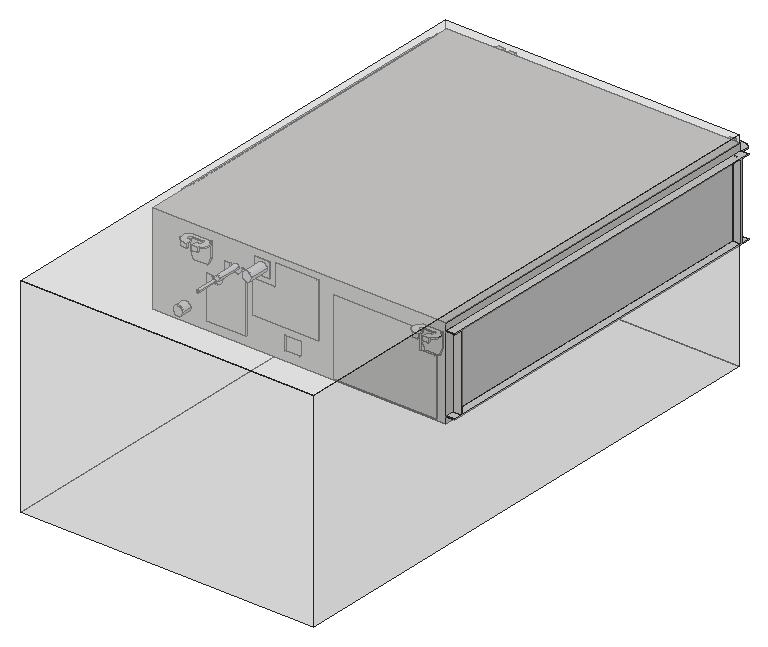
Revit family "outputfile", category 機械設備, Revit 2024
Family settings
  丸型コネクタ寸法 = 半径を使用
  パーツ タイプ = 標準
  OmniClass 番号 = 23.75.10.24.21.27.27
  OmniClass タイトル = Split System Air Conditioning Units
  作業面ベース = いいえ
  常に垂直 = はい
  ロード時にボイドで切り取り = いいえ
  注釈の向きを維持 = いいえ
  共有 = いいえ
  部屋計算ポイント = はい
Parameters (values of type "FXSQ50PAVE")
  Description = ""
  製造元 = "Daikin"
  書き出し IFC クラス(タイプ) = "IfcUnitaryEquipmentType"
  定義済み IFC タイプ(タイプ) = "AIRCONDITIONINGUNIT"
  Cost = 0
  モデル = "FXSQ50PAVE"
  Type Comments = ""
  Keynote = ""
  Type Image = (empty or 0)
  Assembly Code = ""
  r_Liquid Pipe Size = Liquid Pipe Size / 2  # 3.2 mm
  r_Gas Pipe Size = Gas Pipe Size / 2  # 6.35 mm
  r_Drain Pipe Size = Drain Pipe Size / 2  # 12.5 mm
  lw_power = 770.0 mm  # constant formula
  lh_SA = 138.0 mm  # constant formula
  lw_SA = if(Depth = 550.0 mm, 225.0 mm, if(Depth = 700.0 mm, 300.0 mm, if(Depth = 1000.0 mm, 450.0 mm, if(Depth = 1400.0 mm, 650.0 mm, 725.0 mm))))  # 450.0 mm
  lw_RA = if(Depth = 550.0 mm, 275.0 mm, if(Depth = 700.0 mm, 349.0 mm, if(Depth = 1000.0 mm, 499.0 mm, if(Depth = 1400.0 mm, 699.0 mm, 775.0 mm))))  # 499.0 mm
  lh_power = 60.0 mm + [h***]  # 60.0 mm
  lh_mountinghole1 = lh_mountinghole + [h***]  # 222.0 mm
  lh_RA = 123.0 mm  # constant formula
  ld_power = Depth / 2  # 500.0 mm
  Voltage_comment_60Hz = "220"
  Voltage_comment_50Hz = "220-240"
  Voltage_60Hz = 220 V
  Voltage_50Hz = 220 V
  URL = ""
  Supply Air Direction [instance] = yes
  Sound Power Level_H speed (dB) = 62
  Phase_60Hz = 1
  Phase_50Hz = 1
  Minimum External Static Pressure = 50.00 Pa
  Minimum Circuit Amps_60Hz = 1.3 A
  Minimum Circuit Amps_50Hz = 1.3 A
  Maximum Fuse Amps_60Hz = 16.0 A
  Maximum Fuse Amps_50Hz = 16.0 A
  Maximum External Static Pressure = 150.00 Pa
  Material_Casing = DAIKIN_GalvanizedSteel_Casing_indoorunit
  lw_mountinghole = 630.0 mm  # constant formula
  lh_gaspipe = 183.0 mm + [h***]  # 183.0 mm
  lh_mountinghole = 222.0 mm  # constant formula
  lh_liquidpipe = 136.0 mm + [h***]  # 136.0 mm
  lh_drainpipe = 207.0 mm + [h***]  # 207.0 mm
  lh_antena = Height - lh_mountinghole + 1.0 mm  # 24.0 mm
  ld_drainpipe = Depth / 2 + 53.0 mm  # 553.0 mm
  ld_liquidpipe = Depth / 2 + 69.0 mm  # 569.0 mm
  ld_gaspipe = Depth / 2 + 65.0 mm  # 565.0 mm
  ld_mountinghole = Depth + 38.0 mm  # 1038.0 mm
  h*** = 0.0 mm  # constant formula
  lw_liquidpipe = 179.0 mm  # constant formula
  lw_gaspipe = 229.0 mm  # constant formula
  lw_drainpipe = 300.0 mm  # constant formula
  Width = 800.0 mm
  Version = "ver.1.0"
  Unit Type = "Middle Static Pressure Duct Type"
  Unit Mass Weight = 35.00 kg
  Unit Designation [instance] = ""
  Uniclass2015Version = "Products v1.30"
  Uniclass2015Title = "Variable refrigerant flow units"
  Uniclass2015Code = "Pr_70_65_03_94"
  Total Heating Capacity [instance] = 0.000 kW
  Total Cooling Capacity [instance] = 0.000 kW
  Sound Pressure Level_M speed (dBA) = 0
  Sound Pressure Level_L speed (dBA) = 29
  Sound Pressure Level_H speed (dBA) = 34
  Series = "VRV Fan Coil Unit"
  Sensible Cooling Capacity [instance] = 0.000 kW
  SA Duct Size Width = if(Depth = 550.0 mm, 337.0 mm, if(Depth = 700.0 mm, 492.0 mm, if(Depth = 1000.0 mm, 792.0 mm, if(Depth = 1400.0 mm, 1192.0 mm, 1337.0 mm))))  # 792.0 mm
  SA Duct Size Height = 176.0 mm
  Refrigerant Type = "R410A"
  RA Duct Size Width = if(Depth = 550.0 mm, 502.0 mm, if(Depth = 700.0 mm, 654.0 mm, if(Depth = 1000.0 mm, 952.0 mm, if(Depth = 1400.0 mm, 1352.0 mm, 1502.0 mm))))  # 952.0 mm
  RA Duct Size Height = 208.0 mm
  Power Input (Heating) = 0.159 kW
  Power Input (Cooling) = 0.164 kW
  Option Accessory 3 [instance] = ""
  Option Accessory 2 [instance] = ""
  Option Accessory 1 [instance] = ""
  Nominal Heating Capacity = 6.300 kW
  Nominal Cooling Capacity = 5.600 kW
  Minimum Airflow = 690.00 m³/h
  Median Airflow = 870.00 m³/h
  Maximum Airflow = 1020.00 m³/h
  Load Classification = HVAC
  Liquid Pipe Size = 6.4 mm
  Link_Nested Family [instance] = ""
  IfcVersion = "0"
  IfcExportType = "AIRCONDITIONINGUNIT"
  IfcExportAs = "IfcUnitaryEquipmentType"
  Height = 245.0 mm
  Heating Entering Wet Bulb Temperature [instance] = 0.00 °C
  Heating Entering Dry Bulb Temperature [instance] = 0.00 °C
  Heating Ambient Wet Bulb Temperature [instance] = 0.00 °C
  Heating Ambient Dry Bulb Temperature [instance] = 0.00 °C
  Heat Exchanger Type = "Cross Fin Coil"
  Gas Pipe Size = 12.7 mm
  Frequency_60Hz = 60 Hz
  Frequency_50Hz = 50 Hz
  Fan Type = "Sirocco Fan"
  Fan Drive = "Direct Drive"
  FCU Tag No. [instance] = ""
  Drain Pipe Size = 25.0 mm
  Design Supply Airflow [instance] = 0.00 m³/h
  Design Return Airflow [instance] = 0.00 m³/h
  Design External Static Pressure [instance] = 0.00 Pa
  Depth = 1000.0 mm
  既定の高さ = 0.0 mm
  Cooling Entering Wet Bulb Temperature [instance] = 0.00 °C
  Cooling Entering Dry Bulb Temperature [instance] = 0.00 °C
  Cooling Ambient Wet Bulb Temperature [instance] = 0.00 °C
  Cooling Ambient Dry Bulb Temperature [instance] = 0.00 °C
  Clearance visibility [instance] = yes
  Clearance Top = 20.0 mm
  Clearance Right = 0.0 mm
  Clearance Rear = 0.0 mm
  Clearance Left = 0.0 mm
  Clearance Front = 450.0 mm
  Clearance Bottom = 300.0 mm
Reference planes
  plane 1 "Center (Front/Back)": y = 0
  plane 2 "h": z = 0
  plane 3 "Center (Left/Right)": x = 0
  plane 4 "Back": y = 500
  plane 5 "Front": y = -500
  plane 6 "Left": x = -400
  plane 7 "Reight": x = 400
  plane 8 "Top": z = 0
  plane 9 "Bottom": z = -245
  plane 10: y = -215
  plane 11: y = 500
  plane 12: y = -950
  plane 13: x = -400
  plane 14: x = 400
  plane 15: z = 20
  plane 16: z = -545
  plane 17: x = -400
  plane 18: x = -399
  plane 19: x = 399
  plane 20: y = 50
  plane 21: y = -1
  plane 22: z = -122
  plane 23: y = -501
  plane 24: z = -109
  plane 25: x = -221
  plane 26: y = -565
  plane 27: z = -62
  plane 28: x = -171
  plane 29: y = -553
  plane 30: z = -38
  plane 31: x = -100
  plane 32: x = -100
  plane 33: x = -221
  plane 34: x = -171
  plane 35: x = 370
  plane 36: x = -266
  plane 37: x = 364
  plane 38: y = -519
  plane 39: y = 519
  plane 40: z = -23
  plane 41: z = -107
  plane 42: y = -570
  plane 43: z = -207
  plane 44: x = -309
  plane 45: y = -526
  plane 46: x = -251
  plane 47: x = -203
  plane 48: x = -144
  plane 49: z = -59
  plane 50: z = -106
  plane 51: z = -221
  plane 52: z = -109
  plane 53: x = -221
  plane 54: z = -62
  plane 55: x = -171
  plane 56: z = -17
  plane 57: z = -59
  plane 58: x = -121
  plane 59: x = -79
  plane 60: x = -125
  plane 61: x = -64
  plane 62: x = 53
  plane 63: z = -164
  plane 64: z = -73
  plane 65: z = -16
  plane 66: x = 93.5
  plane 67: x = 374.5
  plane 68: x = 330
  plane 69: z = -88.5
  plane 70: z = -38
  plane 71: z = -242.5
  plane 72: x = -38.5
  plane 73: x = 6.5
  plane 74: z = -181
  plane 75: z = -221
  plane 76: y = -499
  plane 77: x = -424
  plane 78: x = 424
Forms (mm)
  Extrusion 1, solid, material "DAIKIN_GalvanizedSteel_Casing_indoorunit" <- "Material_Casing"
    sketch origin (0, 0, 0) x (1, 0, 0) y (0, 1, 0)
      loop
        line (-399, 500) -> (-399, -500) -> (399, -500) -> (399, 500) -> (-399, 500)
    from -245 to 0
  Extrusion 2, solid, material "DAIKIN_GalvanizedSteel_Casing_indoorunit" <- "Material_Casing"
    sketch origin (0, 0, 0) x (1, 0, 0) y (0, 0, 1)
      loop
        line (-251, -221) -> (-144, -221) -> (-144, -59) -> (-154.47, -59)
        arc (-154.47, -59) -> (-171, -78.8) -> (-187.53, -59) r 16.8
        line (-187.53, -59) -> (-203, -59) -> (-203, -106) -> (-206.916, -106)
        arc (-206.916, -106) -> (-221, -123.4) -> (-235.084, -106) r 14.4
        line (-235.084, -106) -> (-251, -106) -> (-251, -221)
    from 500 to 501
  Extrusion 3, solid, material "DAIKIN_GalvanizedSteel_Casing_indoorunit" <- "Material_Casing"
    sketch origin (0, 0, 0) x (1, 0, 0) y (0, 0, 1)
      loop
        line (-121, -17) -> (-121, -59) -> (-79, -59) -> (-79, -17) -> (-121, -17)
      loop
        line (-125, -73) -> (-125, -164) -> (53, -164) -> (53, -16) -> (-64, -16) -> (-64, -73) -> (-125, -73)
    from 500 to 501
  Extrusion 4, solid, material "DAIKIN_GalvanizedSteel_Casing_indoorunit" <- "Material_Casing"
    sketch origin (0, 0, 0) x (1, 0, 0) y (0, 0, 1)
      loop
        line (93.5, -38) -> (93.5, -242.5) -> (374.5, -242.5) -> (374.5, -88.5) -> (330, -88.5) -> (330, -38) -> (93.5, -38)
    from 500 to 501
  Extrusion 5, solid
    sketch origin (0, 0, 0) x (1, 0, 0) y (0, 0, 1)
      loop
        circle (-221, -109) r 3.2
    from 500 to 570
  Extrusion 6, solid
    sketch origin (0, 0, 0) x (1, 0, 0) y (0, 0, 1)
      loop
        circle (-171, -62) r 6.35
    from 500 to 565
  Extrusion 7, solid
    sketch origin (0, 0, 0) x (1, 0, 0) y (0, 0, 1)
      loop
        circle (-100, -38) r 12.5
    from 501 to 553
  Extrusion 8, solid, material "DAIKIN_GalvanizedSteel_Casing_indoorunit" <- "Material_Casing"
    sketch origin (0, 0, 0) x (1, 0, 0) y (0, 0, 1)
      loop
        circle (-309, -207) r 13
    from 500 to 526
  Extrusion 9, void
    sketch origin (0, 0, 0) x (1, 0, 0) y (0, 0, 1)
      loop
        line (-38.5, -181) -> (-38.5, -221) -> (6.5, -221) -> (6.5, -181) -> (-38.5, -181)
    from 499 to 500
Cuts and joins
  Extrusion 9 cuts Extrusion 1
Dimensions and locks
  "Height": plane 8 "Top" to plane 9 "Bottom"
  equal spacing: plane 4 "Back", plane 1 "Center (Front/Back)", plane 5 "Front"
  "Depth": plane 4 "Back" to plane 5 "Front"
  equal spacing: plane 6 "Left", plane 3 "Center (Left/Right)", plane 7 "Reight"
  "Width": plane 6 "Left" to plane 7 "Reight"
  "Clearance Left": plane 13 to plane 6 "Left"
  "Clearance Right": plane 7 "Reight" to plane 14
  "Clearance Rear": plane 11 to plane 4 "Back"
  "Clearance Front": plane 5 "Front" to plane 12
  "Clearance Top": plane 15 to plane 8 "Top"
  "Clearance Bottom": plane 9 "Bottom" to plane 16
  locked: plane 17 to plane 18 at 1
  locked: plane 19 to plane 14 at 1
  "lw_SA": plane 11 to plane 20
  "lw_RA": plane 21 to plane 5 "Front"
  "lh_RA": plane 22 to plane 9 "Bottom"
  locked: plane 5 "Front" to plane 23 at 1
  "lw_liquidpipe": plane 25 to plane 6 "Left"
  "lh_liquidpipe": plane 24 to plane 9 "Bottom"
  "lh_gaspipe": plane 27 to plane 9 "Bottom"
  "lw_gaspipe": plane 28 to plane 6 "Left"
  "ld_gaspipe": plane 26 to plane 1 "Center (Front/Back)"
  "ld_drainpipe": plane 29 to plane 1 "Center (Front/Back)"
  "lh_drainpipe": plane 30 to plane 9 "Bottom"
  "lw_drainpipe": plane 31 to plane 6 "Left"
  "lw_drainpipe": plane 6 "Left" to plane 32
  "lw_liquidpipe": plane 6 "Left" to plane 33
  "lw_gaspipe": plane 6 "Left" to plane 34
  "lw_power": plane 6 "Left" to plane 35
  locked: plane 17 to plane 36 at 134
  "lw_mountinghole": plane 36 to plane 37
  equal spacing: plane 38, plane 1 "Center (Front/Back)", plane 39
  "ld_mountinghole": plane 39 to plane 38
  "lh_mountinghole": plane 40 to plane 9 "Bottom"
  "lh_SA": plane 41 to plane 9 "Bottom"
  "ld_liquidpipe": plane 21 to plane 42
  locked: plane 44 to plane 6 "Left" at 91
  locked: plane 43 to plane 9 "Bottom" at 38
  locked: plane 5 "Front" to plane 45 at 26
  plane 48 to plane 47 to plane 46 to plane 6 "Left" = 59.0 mm, 48.0 mm, 149.0 mm
  plane 8 "Top" to plane 49 to plane 50 to plane 51 = 59.0 mm locked, 47.0 mm locked, 115.0 mm locked
  plane 55 to plane 53 to plane 6 "Left" = 50.0 mm locked, 179.0 mm locked
  plane 54 to plane 52 to plane 9 "Bottom" = 47.0 mm locked, 136.0 mm locked
  plane 59 to plane 58 to plane 6 "Left" = 42.0 mm locked, 279.0 mm locked
  plane 8 "Top" to plane 56 to plane 57 = 17.0 mm locked, 42.0 mm locked
  plane 62 to plane 61 to plane 60 to plane 6 "Left" = 117.0 mm, 61.0 mm, 275.0 mm
  plane 8 "Top" to plane 65 to plane 64 = 16.0 mm locked, 57.0 mm locked
  locked: plane 65 to plane 63 at 148
  plane 8 "Top" to plane 70 to plane 69 to plane 71 = 38.0 mm locked, 50.5 mm locked, 154.0 mm locked
  plane 67 to plane 68 to plane 66 to plane 6 "Left" = 44.5 mm locked, 236.5 mm locked, 493.5 mm locked
  plane 8 "Top" to plane 74 to plane 75 = 181.0 mm locked, 40.0 mm locked
  plane 73 to plane 72 to plane 6 "Left" = 45.0 mm, 361.5 mm
  locked: plane 76 to plane 5 "Front" at 1
  locked: plane 77 to plane 17 at 24
  locked: plane 14 to plane 78 at 24
  "r_Liquid Pipe Size": radius of Extrusion 5 sketch curve
  "r_Gas Pipe Size": radius of Extrusion 6 sketch curve
  "r_Drain Pipe Size": radius of Extrusion 7 sketch curve
  aligned and locked: level to plane 2 "h"
  aligned and locked: plane 8 "Top" to Extrusion 1
  aligned and locked: Extrusion 1 to plane 9 "Bottom"
  aligned and locked: nested 5 to plane 12
  aligned and locked: plane 13 to nested 5
  aligned and locked: plane 14 to nested 5
  aligned and locked: nested 5 to plane 13
  aligned and locked: plane 11 to nested 5
  aligned and locked: plane 15 to nested 5
  aligned and locked: plane 16 to nested 5
  aligned and locked: plane 5 "Front" to Extrusion 1 sketch curve
  aligned and locked: Extrusion 1 to plane 18
  aligned and locked: plane 19 to Extrusion 1
  aligned and locked: nested 7 to plane 18
  aligned and locked: nested 7 to plane 20
  aligned and locked: plane 19 to nested 8
  aligned and locked: plane 21 to nested 8
  aligned and locked: plane 22 to nested 8
  aligned and locked: Extrusion 2 to plane 23
  aligned and locked: plane 5 "Front" to Extrusion 2
  aligned and locked: Extrusion 3 to plane 23
  aligned and locked: plane 5 "Front" to Extrusion 3
  aligned and locked: plane 5 "Front" to Extrusion 4
  aligned and locked: Extrusion 5 sketch curve to plane 25
  aligned and locked: plane 24 to Extrusion 5 sketch curve
  aligned and locked: plane 5 "Front" to Extrusion 5
  aligned and locked: Extrusion 6 sketch curve to plane 28
  aligned and locked: plane 27 to Extrusion 6 sketch curve
  aligned and locked: plane 5 "Front" to Extrusion 6
  aligned and locked: Extrusion 7 sketch curve to plane 31
  aligned and locked: Extrusion 7 sketch curve to plane 30
  aligned and locked: Extrusion 7 to plane 29
  aligned and locked: plane 23 to Extrusion 7
  aligned and locked: nested 3 to plane 29
  aligned and locked: plane 32 to nested 3
  aligned and locked: nested 2 to plane 33
  aligned and locked: nested 1 to plane 34
  aligned and locked: Extrusion 6 to plane 26
  aligned and locked: nested 1 to plane 26
  aligned and locked: nested 6 to plane 5 "Front"
  aligned and locked: nested 6 to plane 35
  aligned and locked: plane 36 to nested 10
  aligned and locked: nested 10 to plane 5 "Front"
  aligned and locked: plane 37 to nested 9
  aligned and locked: nested 9 to plane 5 "Front"
  aligned and locked: nested 11 to plane 36
  aligned and locked: plane 4 "Back" to nested 11
  aligned and locked: nested 12 to plane 37
  aligned and locked: plane 4 "Back" to nested 12
  aligned and locked: plane 40 to nested 10
  aligned and locked: plane 40 to nested 11
  aligned and locked: plane 40 to nested 9
  aligned and locked: plane 40 to nested 12
  aligned and locked: plane 36 to nested 14
  aligned and locked: nested 14 to plane 39
  aligned and locked: plane 37 to nested 13
  aligned and locked: nested 13 to plane 39
  aligned and locked: plane 37 to nested 16
  aligned and locked: plane 38 to nested 16
  aligned and locked: plane 38 to nested 15
  aligned and locked: plane 36 to nested 15
  aligned and locked: plane 17 to plane 6 "Left"
  aligned and locked: plane 41 to nested 7
  aligned and locked: Extrusion 5 to plane 42
  aligned and locked: nested 2 to plane 42
  aligned and locked: Extrusion 8 sketch curve to plane 44
  aligned and locked: plane 43 to Extrusion 8 sketch curve
  aligned and locked: plane 5 "Front" to Extrusion 8
  aligned and locked: plane 45 to Extrusion 8
  aligned and locked: Extrusion 3 sketch curve to plane 56
  aligned and locked: Extrusion 3 sketch curve to plane 58
  aligned and locked: plane 57 to Extrusion 3 sketch curve
  aligned and locked: plane 59 to Extrusion 3 sketch curve
  aligned and locked: Extrusion 4 to plane 23
  aligned and locked: Extrusion 9 sketch curve to plane 74
  aligned and locked: plane 75 to Extrusion 9 sketch curve
  aligned and locked: plane 73 to Extrusion 9 sketch curve
  aligned and locked: plane 5 "Front" to Extrusion 9
  aligned and locked: plane 76 to Extrusion 9
  aligned and locked: nested 17 to plane 20
  aligned and locked: nested 17 to plane 77
  aligned and locked: plane 21 to nested 18
  aligned and locked: plane 78 to nested 18
  aligned and locked: plane 41 to nested 17
  aligned and locked: nested 18 to plane 22
  aligned and locked: nested 4 to plane 3 "Center (Left/Right)"
  aligned and locked: plane 1 "Center (Front/Back)" to nested 4
  aligned and locked: level to plane 8 "Top"
Automatic sketch dimensions
  plane 6 "Left" to Extrusion 1 sketch curve = 1.0 mm
  Extrusion 1 sketch curve to plane 7 "Reight" = 1.0 mm
  Extrusion 1 sketch curve to plane 4 "Back" = 0.0 mm
  Extrusion 2 sketch curve to plane 46 = 0.0 mm
  Extrusion 2 sketch curve to plane 33 = 0.0 mm
  Extrusion 2 sketch curve to plane 47 = 0.0 mm
  Extrusion 2 sketch curve to plane 34 = 0.0 mm
  Extrusion 2 sketch curve to plane 48 = 0.0 mm
  Extrusion 2 sketch curve to plane 51 = 0.0 mm
  Extrusion 2 sketch curve to plane 52 = 0.0 mm
  Extrusion 2 sketch curve to plane 50 = 0.0 mm  (x3)
  Extrusion 2 sketch curve to plane 54 = 0.0 mm
  Extrusion 2 sketch curve to plane 49 = 0.0 mm  (x3)
  plane 33 to Extrusion 2 sketch curve = 14.084 mm
  plane 34 to Extrusion 2 sketch curve = 16.53 mm
  Extrusion 3 sketch curve to plane 60 = 0.0 mm
  Extrusion 3 sketch curve to plane 61 = 0.0 mm
  Extrusion 3 sketch curve to plane 62 = 0.0 mm
  Extrusion 3 sketch curve to plane 63 = 0.0 mm
  Extrusion 3 sketch curve to plane 64 = 0.0 mm
  Extrusion 3 sketch curve to plane 65 = 0.0 mm
  Extrusion 4 sketch curve to plane 66 = 0.0 mm
  Extrusion 4 sketch curve to plane 68 = 0.0 mm
  Extrusion 4 sketch curve to plane 67 = 0.0 mm
  Extrusion 4 sketch curve to plane 71 = 0.0 mm
  Extrusion 4 sketch curve to plane 69 = 0.0 mm
  Extrusion 4 sketch curve to plane 70 = 0.0 mm
  Extrusion 9 sketch curve to plane 72 = 0.0 mm
  radius of Extrusion 8 sketch curve = 13.0 mm
Nested families
  nested 1: "daikin_connector_rotate2" at (-171, 0, -62), length <- "ld_gaspipe", built-in parameter 1001364 <- "lh_gaspipe", radius <- "r_Gas Pipe Size", type "daikin_connector_rotate2"
    with radius 6.35 mm, length 565.0 mm, angle_vertical 90.00°
  nested 2: "daikin_connector_rotate2" at (-221, -1, -109), length <- "ld_liquidpipe", built-in parameter 1001364 <- "lh_liquidpipe", radius <- "r_Liquid Pipe Size", type "daikin_connector_rotate2"
    with radius 3.2 mm, length 569.0 mm, angle_vertical 90.00°
  nested 3: "daikin_connector_rotate2" at (-100, 0, -38), length <- "ld_drainpipe", built-in parameter 1001364 <- "lh_drainpipe", radius <- "r_Drain Pipe Size", type "daikin_connector_rotate2"
    with radius 12.5 mm, length 553.0 mm, angle_vertical 90.00°
  nested 4: "daikin_△_symbolicline" at (0, 0, 245) x (0, -1, 0) z (0, 0, 1), built-in parameter 1001364 <- "Height", visible <- "Supply Air Direction", type "daikin_△_symbolicline"
    with length 200.0 mm
  nested 5: "daikin_clearancespace" at (0, -225, -262.381), visible <- "Clearance visibility", show <- "Clearance visibility", Link_Nested Family <- "Link_Nested Family", type "daikin_clearancespace"
    with width 800.0 mm, show yes, height 565.0 mm, depth 1450.0 mm, Link_Nested Family ""
  nested 6: "daikin_connector_rotate2" at (370, 0, -185), built-in parameter 1001364 <- "lh_power", length <- "ld_power", type "daikin_connector_rotate2"
    with radius 10.0 mm, length 500.0 mm, angle_vertical 90.00°
  nested 7: "daikin_ductflange_FXSQ-PAVE2" at (-399, 50, -107) x (0, -1, 0) z (0, 0, 1), type "daikin_ductflange_FXSQ-PAVE2"
    with width 792.0 mm, w 1000.0 mm
  nested 8: "daikin_ductflange_FXSQ-PAVE" at (399, -1, -122) x (0, 1, 0) z (0, 0, 1), type "daikin_ductflange_FXSQ-PAVE"
    with width 952.0 mm, w 1000.0 mm
  nested 9: "daikin_hangerfixture_FXSQ-PAVE" at (364, -500, -23), type "daikin_hangerfixture_FXSQ-PAVE"
  nested 10: "daikin_hangerfixture_FXSQ-PAVE" at (-266, -500, -23), type "daikin_hangerfixture_FXSQ-PAVE"
  nested 11: "daikin_hangerfixture_FXSQ-PAVE" at (-266, 500, -23) x (-1, 0, 0) z (0, 0, 1), type "daikin_hangerfixture_FXSQ-PAVE"
  nested 12: "daikin_hangerfixture_FXSQ-PAVE" at (364, 500, -23) x (-1, 0, 0) z (0, 0, 1), type "daikin_hangerfixture_FXSQ-PAVE"
  nested 13: "daikin_mountinghole" at (364, 519, -245), h_mountinghole <- "lh_mountinghole1", l_antenna <- "lh_antena", Link_Nested Family <- "Link_Nested Family", type "daikin_mountinghole"
    with show yes, l_antenna 24.0 mm, h_mountinghole 222.0 mm, Link_Nested Family ""
  nested 14: "daikin_mountinghole" at (-266, 519, -245), h_mountinghole <- "lh_mountinghole1", l_antenna <- "lh_antena", Link_Nested Family <- "Link_Nested Family", type "daikin_mountinghole"
    with show yes, l_antenna 24.0 mm, h_mountinghole 222.0 mm, Link_Nested Family ""
  nested 15: "daikin_mountinghole" at (-266, -519, -245), h_mountinghole <- "lh_mountinghole1", l_antenna <- "lh_antena", Link_Nested Family <- "Link_Nested Family", type "daikin_mountinghole"
    with show yes, l_antenna 24.0 mm, h_mountinghole 222.0 mm, Link_Nested Family ""
  nested 16: "daikin_mountinghole" at (364, -519, -245), h_mountinghole <- "lh_mountinghole1", l_antenna <- "lh_antena", Link_Nested Family <- "Link_Nested Family", type "daikin_mountinghole"
    with show yes, l_antenna 24.0 mm, h_mountinghole 222.0 mm, Link_Nested Family ""
  nested 17: "daikin_connector_rotate2" at (-400, 50, -107) x (0, -1, 0) z (0, 0, 1), type "daikin_connector_rotate2"
    with radius 10.0 mm, length 24.0 mm, angle_vertical 90.00°
  nested 18: "daikin_connector_rotate2" at (400, -1, -122) x (0, 1, 0) z (0, 0, 1), type "daikin_connector_rotate2"
    with radius 10.0 mm, length 24.0 mm, angle_vertical 90.00°
Connectors
  piping at (-100, -553, -38), diameter 25, driven by "r_Drain Pipe Size"
    settings: on nested 3, index 3, connector inside diameter 609.6 mm, connector length 0.0 mm, flow factor 0, pipe flow 0.00 m³/h, pressure drop 0.0 Pa, fitting loss kfactor 0, connector angle 0.00°, fixture units 0, engagement length 0.0 mm, angle of deflection 0.00°, flow configuration 1, flow direction 2, fitting loss method 4, system type 16, joint type 0, gender type 0, connector reference index -1, connector utility 0, adjustable connector no, is connector primary yes, connector description "Condensate Drain Piping"
  piping at (-171, -565, -62), diameter 12.7, driven by "r_Gas Pipe Size"
    settings: on nested 1, index 4, connector inside diameter 609.6 mm, connector length 0.0 mm, flow factor 0, pipe flow 0.00 m³/h, pressure drop 0.0 Pa, fitting loss kfactor 0, connector angle 0.00°, fixture units 0, engagement length 0.0 mm, angle of deflection 0.00°, flow configuration 1, flow direction 2, fitting loss method 0, system type 29, joint type 0, gender type 0, connector reference index -1, connector utility 0, adjustable connector no, is connector primary no, connector description "Refrigerant Gas Piping"
  piping at (-221, -570, -109), diameter 6.4, driven by "r_Liquid Pipe Size"
    settings: on nested 2, index 5, connector inside diameter 609.6 mm, connector length 0.0 mm, flow factor 0, pipe flow 0.00 m³/h, pressure drop 0.0 Pa, fitting loss kfactor 0, connector angle 0.00°, fixture units 0, engagement length 0.0 mm, angle of deflection 0.00°, flow configuration 1, flow direction 1, fitting loss method 0, system type 29, joint type 0, gender type 0, connector reference index -1, connector utility 0, adjustable connector no, is connector primary no, connector description "Refrigerant Liquid Piping"
  electrical at (370, -500, -185), driven by "Load Classification"
    settings: on nested 6, index 6, voltage 0 V, apparent load 0 VA, apparent load phase1 0 VA, apparent load phase2 0 VA, apparent load phase3 0 VA, power factor 1, load classification "HVAC", number of poles 1, system type 30, power factor state 1, is connector primary yes, connector utility no, sub classification motor no, connector description "Power Supply"
  hvac at (-424, 50, -107), driven by "SA Duct Size Height", driven by "SA Duct Size Width"
    settings: on nested 17, index 7, duct flow 0.00 m³/h, flow factor 0, pres drop 0.00 Pa, loss coef 0, conn angle 0.00°, conn width 792.0 mm, conn height 176.0 mm, conn diameter 609.6 mm, duct sys type 1, conn prof type 1, flow config 0, flow direction 2, loss method 4, conn ref index -1, conn util no, is conn primary yes, conn desc "SA Duct"
  hvac at (424, -1, -122), driven by "RA Duct Size Height", driven by "RA Duct Size Width"
    settings: on nested 18, index 8, duct flow 0.00 m³/h, flow factor 0, pres drop 0.00 Pa, loss coef 0, conn angle 0.00°, conn width 952.0 mm, conn height 208.0 mm, conn diameter 609.6 mm, duct sys type 2, conn prof type 1, flow config 0, flow direction 1, loss method 4, conn ref index -1, conn util no, is conn primary no, conn desc "RA Duct"
Definition of nested family "daikin_clearancespace"
  Parameters (values of type "daikin_clearancespace")
    width [instance] = 1823.963 mm
    show [instance] = yes
    material = none
    height [instance] = 1359.762 mm
    depth [instance] = 880.0 mm
    Default Elevation = 0.0 mm
    Link_Nested Family [instance] = ""
  Reference planes
    plane 1 "Center (Front/Back)": y = 0
    plane 2 "Center (Elevation)": z = -0.119
    plane 3 "Center (Left/Right)": x = 0
    plane 4: y = 440
    plane 5: y = -440
    plane 6 "Right": x = 911.982
    plane 7 "Left": x = -911.982
    plane 8 "Top": z = 679.762
    plane 9 "Bottom": z = -680
  Forms (mm)
    Extrusion 1, solid, material <- "material", visible <- "show"
      sketch origin (0, 0, 0) x (1, 0, 0) y (0, 1, 0)
        loop
          line (-911.982, 440) -> (-911.982, -440) -> (911.982, -440) -> (911.982, 440) -> (-911.982, 440)
      from -680 to 679.762
  Lines and regions (mm)
    symbolic lines, visible <- "show"
      curve 1: line (911.982, 440, 0) -> (-911.982, 440, 0)
      curve 2: line (-911.982, 440, 0) -> (-911.982, -440, 0)
      curve 3: line (-911.982, -440, 0) -> (911.982, -440, 0)
      curve 4: line (911.982, -440, 0) -> (911.982, 440, 0)
      curve 5: line (911.982, 0, 679.762) -> (-911.982, 0, 679.762)
      curve 6: line (911.982, 0, -680) -> (911.982, 0, 679.762)
      curve 7: line (-911.982, 0, -680) -> (911.982, 0, -680)
      curve 8: line (-911.982, 0, 679.762) -> (-911.982, 0, -680)
      curve 9: line (0, 440, 679.762) -> (0, -440, 679.762)
      curve 10: line (0, -440, 679.762) -> (0, -440, -680)
      curve 11: line (0, 440, -680) -> (0, 440, 679.762)
      curve 12: line (0, -440, -680) -> (0, 440, -680)
  Dimensions and locks
    "width": plane 7 "Left" to plane 6 "Right"
    "depth": plane 4 to plane 5
    "height": plane 8 "Top" to plane 9 "Bottom"
    equal spacing: plane 7 "Left", plane 3 "Center (Left/Right)", plane 6 "Right"
    equal spacing: plane 4, plane 1 "Center (Front/Back)", plane 5
    equal spacing: plane 8 "Top", plane 2 "Center (Elevation)", plane 9 "Bottom"
    aligned and locked: level to plane 2 "Center (Elevation)"
    aligned and locked: Extrusion 1 sketch curve to plane 4
    aligned and locked: plane 7 "Left" to Extrusion 1 sketch curve
    aligned and locked: Extrusion 1 sketch curve to plane 5
    aligned and locked: Extrusion 1 sketch curve to plane 6 "Right"
    aligned and locked: plane 8 "Top" to Extrusion 1
    aligned and locked: curve 1 to Extrusion 1
    aligned and locked: curve 2 to Extrusion 1
    aligned and locked: curve 3 to Extrusion 1
    aligned and locked: curve 4 to Extrusion 1
    aligned and locked: curve 5 to Extrusion 1
    aligned and locked: curve 6 to Extrusion 1
    aligned and locked: curve 7 to Extrusion 1
    aligned and locked: curve 8 to Extrusion 1
    aligned and locked: curve 9 to Extrusion 1
    aligned and locked: curve 10 to Extrusion 1
    aligned and locked: curve 11 to Extrusion 1
    aligned and locked: curve 12 to Extrusion 1
    aligned and locked: Extrusion 1 to plane 9 "Bottom"
Definition of nested family "daikin_ductflange_FXSQ-PAVE2"
  Parameters (values of type "daikin_ductflange_FXMQ-PAVE2")
    width = if(w = 550.0 mm, 337.0 mm, if(w = 700.0 mm, 492.0 mm, if(w = 1000.0 mm, 792.0 mm, if(w = 1400.0 mm, 1192.0 mm, 1337.0 mm))))  # 337.0 mm
    material = none
    height = 215.0 mm
    depth = 1.0 mm
    w = 550.0 mm
    Default Elevation = 0.0 mm
  Reference planes
    plane 1 "Center (Front/Back)": y = 0
    plane 2: z = 0
    plane 3 "Center (Left/Right)": x = 0
    plane 4: z = 88
    plane 5: z = -88
    plane 6: y = -25
    plane 7: z = 106
    plane 8: z = 89
    plane 9: y = -1
    plane 10: x = -192.5
    plane 11: x = 192.5
    plane 12: z = -106
    plane 13: z = -89
    plane 14: y = -1
    plane 15: x = 168.5
    plane 16: x = -168.5
    plane 17: x = 169.5
    plane 18: z = 87
    plane 19: z = -87
    plane 20: x = -169.5
    plane 21: z = 87
    plane 22: z = -87
    plane 23: y = -1
  Forms (mm)
    Extrusion 1, solid, material <- "material"
      sketch origin (0, 0, 0) x (0, 1, 0) y (0, 0, 1)
        loop
          line (-25, 88) -> (0, 88) -> (0, 106) -> (-1, 106) -> (-1, 89) -> (-25, 89) -> (-25, 88)
      from -192.5 to 192.5
    Extrusion 2, solid, material <- "material"
      sketch origin (0, 0, 0) x (0, 1, 0) y (0, 0, 1)
        loop
          line (-25, -88) -> (-25, -89) -> (-1, -89) -> (-1, -106) -> (0, -106) -> (0, -88) -> (-25, -88)
      from -192.5 to 192.5
    Extrusion 3, solid, material <- "material"
      sketch origin (0, 0, 0) x (1, 0, 0) y (0, 0, 1)
        loop
          line (168.5, 88) -> (168.5, -88) -> (192.5, -88) -> (192.5, -87) -> (169.5, -87) -> (169.5, 87) -> (192.5, 87) -> (192.5, 88) -> (168.5, 88)
      from 0 to 25
    Extrusion 4, solid, material <- "material"
      sketch origin (0, 0, 0) x (1, 0, 0) y (0, 0, 1)
        loop
          line (-192.5, 88) -> (-192.5, 87) -> (-169.5, 87) -> (-169.5, -87) -> (-192.5, -87) -> (-192.5, -88) -> (-168.5, -88) -> (-168.5, 88) -> (-192.5, 88)
      from 0 to 25
    Extrusion 5, solid, material <- "material"
      sketch origin (0, 0, 0) x (1, 0, 0) y (0, 0, 1)
        loop
          line (-192.5, 88) -> (-192.5, -88) -> (-168.5, -88) -> (-168.5, 88) -> (-192.5, 88)
        loop
          line (192.5, 88) -> (168.5, 88) -> (168.5, -88) -> (192.5, -88) -> (192.5, 88)
      from 0 to 1
  Cuts and joins
    joined: Extrusion 1, Extrusion 2, Extrusion 3, Extrusion 4, Extrusion 5
  Dimensions and locks
    plane 4 to level to plane 5 = 88.0 mm, 88.0 mm
    locked: plane 6 to plane 1 "Center (Front/Back)" at 25
    locked: plane 9 to plane 1 "Center (Front/Back)" at 1
    locked: plane 8 to plane 4 at 1
    locked: plane 16 to plane 10 at 24
    locked: plane 17 to plane 15 at 1
    locked: plane 4 to plane 18 at 1
    locked: plane 19 to plane 5 at 1
    "width": plane 15 to plane 16
    plane 4 to plane 5 = 176.0 mm
    locked: plane 16 to plane 20 at 1
    locked: plane 4 to plane 21 at 1
    locked: plane 22 to plane 5 at 1
    locked: plane 23 to plane 1 "Center (Front/Back)" at 1
    plane 4 to level to plane 5 = 88.0 mm locked, 88.0 mm locked
    locked: plane 5 to plane 13 at 1
    locked: plane 5 to plane 12 at 18
    locked: plane 7 to plane 4 at 18
    equal spacing: plane 15, plane 3 "Center (Left/Right)", plane 16
    locked: plane 11 to plane 15 at 24
    plane 11 to plane 10 = 385.0 mm
    aligned and locked: level to plane 2
    aligned and locked: Extrusion 1 to plane 10
    aligned and locked: plane 11 to Extrusion 1
    aligned and locked: plane 5 to Extrusion 2
    aligned and locked: Extrusion 2 to plane 1 "Center (Front/Back)"
    aligned and locked: plane 15 to Extrusion 3 sketch curve
    aligned and locked: Extrusion 3 sketch curve to Extrusion 2  (x2)
    aligned and locked: Extrusion 3 sketch curve to plane 11
    aligned and locked: plane 6 to Extrusion 3
    aligned and locked: Extrusion 2 to plane 10
    aligned and locked: plane 11 to Extrusion 2
    aligned and locked: Extrusion 4 sketch curve to Extrusion 1  (x2)
    aligned and locked: plane 5 to Extrusion 4 sketch curve
    aligned and locked: Extrusion 4 sketch curve to plane 16
    aligned and locked: Extrusion 4 sketch curve to plane 22
    aligned and locked: plane 20 to Extrusion 4 sketch curve
    aligned and locked: plane 21 to Extrusion 4 sketch curve
    aligned and locked: Extrusion 4 to plane 1 "Center (Front/Back)"
    aligned and locked: plane 6 to Extrusion 4
    aligned and locked: Extrusion 5 sketch curve to Extrusion 1  (x4)
    aligned and locked: Extrusion 5 sketch curve to Extrusion 4  (x2)
    aligned and locked: Extrusion 5 sketch curve to Extrusion 3  (x2)
    aligned and locked: Extrusion 5 to plane 1 "Center (Front/Back)"
    aligned and locked: plane 23 to Extrusion 5
  Automatic sketch dimensions
    Extrusion 1 sketch curve to plane 6 = 0.0 mm
    Extrusion 1 sketch curve to plane 7 = 0.0 mm
    Extrusion 1 sketch curve to plane 9 = 0.0 mm
    Extrusion 1 sketch curve to plane 1 "Center (Front/Back)" = 0.0 mm
    Extrusion 1 sketch curve to plane 4 = 0.0 mm
    Extrusion 1 sketch curve to plane 8 = 0.0 mm
    Extrusion 2 sketch curve to plane 6 = 0.0 mm
    plane 12 to Extrusion 2 sketch curve = 0.0 mm
    Extrusion 2 sketch curve to plane 14 = 0.0 mm
    Extrusion 2 sketch curve to plane 1 "Center (Front/Back)" = 0.0 mm
    plane 13 to Extrusion 2 sketch curve = 0.0 mm
    Extrusion 2 sketch curve to plane 5 = 0.0 mm
    Extrusion 3 sketch curve to plane 17 = 0.0 mm
    Extrusion 3 sketch curve to plane 19 = 0.0 mm
    Extrusion 3 sketch curve to plane 18 = 0.0 mm
    Extrusion 3 sketch curve to plane 4 = 0.0 mm
    Extrusion 4 sketch curve to plane 10 = 0.0 mm
Definition of nested family "daikin_ductflange_FXSQ-PAVE"
  Parameters (values of type "daikin_ductflange_FXMQ-PAVE")
    width = if(w = 550.0 mm, 502.0 mm, if(w = 700.0 mm, 654.0 mm, if(w = 1000.0 mm, 952.0 mm, if(w = 1400.0 mm, 1352.0 mm, 1502.0 mm))))  # 502.0 mm
    material = none
    height = 208.0 mm
    depth = 1.0 mm
    w = 550.0 mm
    Default Elevation = 0.0 mm
  Reference planes
    plane 1 "Center (Front/Back)": y = 0
    plane 2: z = 0
    plane 3 "Center (Left/Right)": x = 0
    plane 4: z = 104
    plane 5: z = -104
    plane 6: y = -25
    plane 7: z = 121
    plane 8: z = 105
    plane 9: y = -1
    plane 10: x = -275
    plane 11: x = 275
    plane 12: z = -122
    plane 13: z = -105
    plane 14: y = -1
    plane 15: x = 251
    plane 16: x = -251
    plane 17: x = 252
    plane 18: z = 103
    plane 19: z = -103
    plane 20: x = -252
    plane 21: z = 103
    plane 22: z = -103
    plane 23: y = -1
  Forms (mm)
    Extrusion 1, solid, material <- "material"
      sketch origin (0, 0, 0) x (0, 1, 0) y (0, 0, 1)
        loop
          line (-25, 104) -> (0, 104) -> (0, 121) -> (-1, 121) -> (-1, 105) -> (-25, 105) -> (-25, 104)
      from -275 to 275
    Extrusion 2, solid, material <- "material"
      sketch origin (0, 0, 0) x (0, 1, 0) y (0, 0, 1)
        loop
          line (-25, -104) -> (-25, -105) -> (-1, -105) -> (-1, -122) -> (0, -122) -> (0, -104) -> (-25, -104)
      from -275 to 275
    Extrusion 3, solid, material <- "material"
      sketch origin (0, 0, 0) x (1, 0, 0) y (0, 0, 1)
        loop
          line (251, 104) -> (251, -104) -> (275, -104) -> (275, -103) -> (252, -103) -> (252, 103) -> (275, 103) -> (275, 104) -> (251, 104)
      from 0 to 25
    Extrusion 4, solid, material <- "material"
      sketch origin (0, 0, 0) x (1, 0, 0) y (0, 0, 1)
        loop
          line (-275, 104) -> (-275, 103) -> (-252, 103) -> (-252, -103) -> (-275, -103) -> (-275, -104) -> (-251, -104) -> (-251, 104) -> (-275, 104)
      from 0 to 25
    Extrusion 5, solid, material <- "material"
      sketch origin (0, 0, 0) x (1, 0, 0) y (0, 0, 1)
        loop
          line (-275, 104) -> (-275, -104) -> (-251, -104) -> (-251, 104) -> (-275, 104)
        loop
          line (275, 104) -> (251, 104) -> (251, -104) -> (275, -104) -> (275, 104)
      from 0 to 1
  Cuts and joins
    joined: Extrusion 1, Extrusion 2, Extrusion 3, Extrusion 4, Extrusion 5
  Dimensions and locks
    plane 4 to level to plane 5 = 104.0 mm, 104.0 mm
    locked: plane 6 to plane 1 "Center (Front/Back)" at 25
    locked: plane 9 to plane 1 "Center (Front/Back)" at 1
    locked: plane 8 to plane 4 at 1
    locked: plane 11 to plane 15 at 24
    locked: plane 16 to plane 10 at 24
    locked: plane 17 to plane 15 at 1
    locked: plane 4 to plane 18 at 1
    locked: plane 19 to plane 5 at 1
    "width": plane 15 to plane 16
    equal spacing: plane 15, plane 3 "Center (Left/Right)", plane 16
    locked: plane 16 to plane 20 at 1
    locked: plane 4 to plane 21 at 1
    locked: plane 22 to plane 5 at 1
    locked: plane 23 to plane 1 "Center (Front/Back)" at 1
    locked: plane 7 to plane 4 at 17
    locked: plane 1 "Center (Front/Back)" to plane 14 at 1
    locked: plane 5 to plane 13 at 1
    "height": plane 4 to plane 5
    plane 11 to plane 10 = 550.0 mm
    locked: plane 12 to plane 13 at 17
    equal spacing: plane 4, level, plane 5
    aligned and locked: level to plane 2
    aligned and locked: Extrusion 1 to plane 10
    aligned and locked: plane 11 to Extrusion 1
    aligned and locked: plane 5 to Extrusion 2
    aligned and locked: Extrusion 2 to plane 1 "Center (Front/Back)"
    aligned and locked: plane 15 to Extrusion 3 sketch curve
    aligned and locked: Extrusion 3 sketch curve to Extrusion 2  (x2)
    aligned and locked: Extrusion 3 sketch curve to plane 11
    aligned and locked: plane 6 to Extrusion 3
    aligned and locked: Extrusion 2 to plane 10
    aligned and locked: plane 11 to Extrusion 2
    aligned and locked: Extrusion 4 sketch curve to Extrusion 1  (x2)
    aligned and locked: plane 5 to Extrusion 4 sketch curve
    aligned and locked: Extrusion 4 sketch curve to plane 16
    aligned and locked: Extrusion 4 sketch curve to plane 22
    aligned and locked: plane 20 to Extrusion 4 sketch curve
    aligned and locked: plane 21 to Extrusion 4 sketch curve
    aligned and locked: Extrusion 4 to plane 1 "Center (Front/Back)"
    aligned and locked: plane 6 to Extrusion 4
    aligned and locked: Extrusion 5 sketch curve to Extrusion 1  (x4)
    aligned and locked: Extrusion 5 sketch curve to Extrusion 4  (x2)
    aligned and locked: Extrusion 5 sketch curve to Extrusion 3  (x2)
    aligned and locked: Extrusion 5 to plane 1 "Center (Front/Back)"
    aligned and locked: plane 23 to Extrusion 5
  Automatic sketch dimensions
    Extrusion 1 sketch curve to plane 6 = 0.0 mm
    Extrusion 1 sketch curve to plane 7 = 0.0 mm
    Extrusion 1 sketch curve to plane 9 = 0.0 mm
    Extrusion 1 sketch curve to plane 1 "Center (Front/Back)" = 0.0 mm
    Extrusion 1 sketch curve to plane 4 = 0.0 mm
    Extrusion 1 sketch curve to plane 8 = 0.0 mm
    Extrusion 2 sketch curve to plane 6 = 0.0 mm
    plane 12 to Extrusion 2 sketch curve = 0.0 mm
    Extrusion 2 sketch curve to plane 14 = 0.0 mm
    Extrusion 2 sketch curve to plane 1 "Center (Front/Back)" = 0.0 mm
    plane 13 to Extrusion 2 sketch curve = 0.0 mm
    Extrusion 2 sketch curve to plane 5 = 0.0 mm
    Extrusion 3 sketch curve to plane 17 = 0.0 mm
    Extrusion 3 sketch curve to plane 19 = 0.0 mm
    Extrusion 3 sketch curve to plane 18 = 0.0 mm
    Extrusion 3 sketch curve to plane 4 = 0.0 mm
    Extrusion 4 sketch curve to plane 10 = 0.0 mm
Definition of nested family "daikin_hangerfixture_FXSQ-PAVE"
  Parameters (values of type "daikin_hangerfixture_FXMQ-PAVE")
    width = 72.0 mm
    material = none
    height = 60.0 mm
    depth = 41.0 mm
    Default Elevation = 0.0 mm
  Reference planes
    plane 1 "Center (Front/Back)": y = 0
    plane 2: z = 0
    plane 3 "Center (Left/Right)": x = 0
    plane 4: y = 417.146
    plane 5: y = -41
    plane 6: x = -36
    plane 7: x = 36
    plane 8: z = -2.3
    plane 9: z = -60
    plane 10: y = -2.3
    plane 11: z = -12
    plane 12: y = -38.7
  Forms (mm)
    Extrusion 1, solid, material <- "material"
      sketch origin (0, 0, 0) x (1, 0, 0) y (0, 1, 0)
        loop
          line (-28, 0) -> (-28, -5)
          arc (-28, -5) -> (-29.127, -8.162) -> (-32, -9.899) r 5
          arc (-32, -9.899) -> (-34.873, -11.636) -> (-36, -14.798) r 5
          line (-36, -14.798) -> (-36, -27.178)
          arc (-36, -27.178) -> (-35.429, -29.499) -> (-33.846, -31.289) r 5
          line (-33.846, -31.289) -> (-23, -38.798) -> (-23, -41.098) -> (-6.5, -41.098) -> (-6.5, -28.498)
          arc (-6.5, -28.498) -> (-7.379, -26.377) -> (-9.5, -25.498) r 3
          line (-9.5, -25.498) -> (-13.5, -25.498)
          arc (-13.5, -25.498) -> (-20, -18.998) -> (-13.5, -12.498) r 6.5
          line (-13.5, -12.498) -> (13.5, -12.498)
          arc (13.5, -12.498) -> (20, -18.998) -> (13.5, -25.498) r 6.5
          line (13.5, -25.498) -> (9.5, -25.498)
          arc (9.5, -25.498) -> (7.379, -26.377) -> (6.5, -28.498) r 3
          line (6.5, -28.498) -> (6.5, -41.098) -> (23, -41.098) -> (23, -38.798) -> (33.846, -31.289)
          arc (33.846, -31.289) -> (35.429, -29.499) -> (36, -27.178) r 5
          line (36, -27.178) -> (36, -14.596)
          arc (36, -14.596) -> (34.873, -11.434) -> (32, -9.697) r 5
          arc (32, -9.697) -> (29.127, -7.96) -> (28, -4.798) r 5
          line (28, -4.798) -> (28, 0) -> (-28, 0)
      from 0 to -2.3
    Extrusion 2, solid, material <- "material"
      sketch origin (0, 0, 0) x (1, 0, 0) y (0, 0, 1)
        loop
          line (28, -39.037) -> (28, 0) -> (-28, 0) -> (-28, -39.037)
          arc (-28, -39.037) -> (-27.91, -39.983) -> (-27.642, -40.894) r 5
          line (-27.642, -40.894) -> (-21.257, -56.857)
          arc (-21.257, -56.857) -> (-19.418, -59.14) -> (-16.615, -60) r 5
          line (-16.615, -60) -> (16.615, -60)
          arc (16.615, -60) -> (19.418, -59.14) -> (21.257, -56.857) r 5
          line (21.257, -56.857) -> (27.642, -40.894)
          arc (27.642, -40.894) -> (27.91, -39.983) -> (28, -39.037) r 5
      from 0 to 2.3
    Extrusion 3, solid, material <- "material"
      sketch origin (0, 0, 0) x (1, 0, 0) y (0, 0, 1)
        loop
          line (-23, 0) -> (-23, -9)
          arc (-23, -9) -> (-22.121, -11.121) -> (-20, -12) r 3
          line (-20, -12) -> (-9.5, -12)
          arc (-9.5, -12) -> (-7.379, -11.121) -> (-6.5, -9) r 3
          line (-6.5, -9) -> (-6.5, 0) -> (-23, 0)
        loop
          line (23, 0) -> (6.5, 0) -> (6.5, -9)
          arc (6.5, -9) -> (7.379, -11.121) -> (9.5, -12) r 3
          line (9.5, -12) -> (20, -12)
          arc (20, -12) -> (22.121, -11.121) -> (23, -9) r 3
          line (23, -9) -> (23, 0)
      from 38.8 to 41.098
  Cuts and joins
    joined: Extrusion 1, Extrusion 2, Extrusion 3
  Dimensions and locks
    plane 2 to plane 8 = 2.3 mm
    "height": plane 2 to plane 9
    locked: plane 10 to plane 1 "Center (Front/Back)" at 2.3
    locked: plane 2 to plane 11 at 12
    locked: plane 12 to plane 5 at 2.3
    aligned and locked: level to plane 2
    aligned and locked: Extrusion 1 to plane 8
    aligned and locked: plane 2 to Extrusion 1
    aligned and locked: plane 2 to Extrusion 2 sketch curve
    aligned and locked: Extrusion 2 to plane 10
    aligned and locked: Extrusion 2 to plane 1 "Center (Front/Back)"
    aligned and locked: Extrusion 3 sketch curve to cut or joined group of Extrusion 1, Extrusion 2, Extrusion 3  (x3)
    aligned and locked: cut or joined group of Extrusion 1, Extrusion 2, Extrusion 3 to Extrusion 3
  Automatic sketch dimensions
    Extrusion 2 sketch curve to plane 7 = 8.0 mm
    Extrusion 2 sketch curve to plane 8 = 36.737 mm
    plane 6 to Extrusion 2 sketch curve = 19.385 mm
    Extrusion 1 sketch curve to plane 6 = 0.0 mm
    plane 1 "Center (Front/Back)" to Extrusion 1 sketch curve = 0.0 mm
    Extrusion 1 sketch curve to plane 7 = 0.0 mm
    plane 6 to Extrusion 1 sketch curve = 2.154 mm
    plane 6 to Extrusion 1 sketch curve = 3.0 mm
    Extrusion 1 sketch curve to Extrusion 1 sketch curve = 5.0 mm  (x3)
    Extrusion 1 sketch curve to plane 12 = 0.098 mm  (x2)
    Extrusion 1 sketch curve to Extrusion 1 sketch curve = 4.0 mm  (x2)
    Extrusion 1 sketch curve to plane 5 = 0.098 mm  (x2)
    Extrusion 1 sketch curve to plane 3 "Center (Left/Right)" = 6.5 mm
    plane 3 "Center (Left/Right)" to Extrusion 1 sketch curve = 6.5 mm
    Extrusion 1 sketch curve to Extrusion 1 sketch curve = 3.0 mm
    Extrusion 1 sketch curve to plane 7 = 8.0 mm
    Extrusion 1 sketch curve to plane 7 = 5.0 mm
    Extrusion 1 sketch curve to plane 7 = 3.0 mm
    Extrusion 1 sketch curve to plane 7 = 2.154 mm
    plane 12 to Extrusion 1 sketch curve = 7.411 mm  (x2)
    plane 12 to Extrusion 1 sketch curve = 10.202 mm  (x2)
    Extrusion 1 sketch curve to Extrusion 1 sketch curve = 6.5 mm  (x2)
    Extrusion 1 sketch curve to Extrusion 1 sketch curve = 12.38 mm
    Extrusion 1 sketch curve to plane 10 = 12.296 mm
    Extrusion 1 sketch curve to plane 10 = 2.7 mm
    Extrusion 1 sketch curve to plane 10 = 2.498 mm
    plane 6 to Extrusion 1 sketch curve = 4.0 mm
    Extrusion 1 sketch curve to Extrusion 1 sketch curve = 0.0 mm  (x2)
    Extrusion 1 sketch curve to plane 7 = 4.0 mm
    Extrusion 1 sketch curve to Extrusion 1 sketch curve = 4.111 mm
    Extrusion 3 sketch curve to level = 0.0 mm  (x2)
    Extrusion 3 sketch curve to plane 11 = 0.0 mm  (x2)
    plane 11 to Extrusion 3 sketch curve = 3.0 mm  (x2)
    plane 3 "Center (Left/Right)" to Extrusion 3 sketch curve = 6.5 mm
    Extrusion 3 sketch curve to Extrusion 3 sketch curve = 3.0 mm  (x2)
    Extrusion 2 sketch curve to plane 9 = 0.0 mm
    Extrusion 2 sketch curve to Extrusion 2 sketch curve = 11.385 mm
    plane 6 to Extrusion 2 sketch curve = 8.0 mm
    plane 9 to Extrusion 2 sketch curve = 20.963 mm
    Extrusion 2 sketch curve to Extrusion 2 sketch curve = 5.0 mm  (x2)
    plane 9 to Extrusion 2 sketch curve = 3.143 mm  (x3)
    Extrusion 2 sketch curve to Extrusion 2 sketch curve = 4.642 mm  (x2)
    Extrusion 2 sketch curve to Extrusion 2 sketch curve = 0.0 mm  (x2)
    Extrusion 2 sketch curve to Extrusion 2 sketch curve = 0.358 mm
    Extrusion 2 sketch curve to Extrusion 2 sketch curve = 1.857 mm  (x2)
Definition of nested family "daikin_connector_rotate2"
  Parameters (values of type "daikin_connector_rotate2")
    Default Elevation = 1219.2 mm
    show_face = no
    radius [instance] = 10.0 mm
    length [instance] = 600.0 mm
    d_surface = 10.0 mm
    angle_vertical [instance] = 90.00°
  Reference planes
    plane 1 "Center (Front/Back)": y = 0
    plane 2: z = 0
    plane 3 "Center (Left/Right)": x = 0
  Forms (mm)
    Extrusion 1, solid, visible <- "show_face"
      sketch origin (0, -600, 0) x (1, 0, 0) y (0, 0, 1)
        loop
          circle (0, 0) r 10
      from 0 to -10
  Lines and regions (mm)
    reference lines
      curve 1: line (0, 0, 0) -> (0, -600, 0)
    symbolic lines
      curve 2: circle (0, 0, 0) r 5 normal (0, 0, 1)
    model lines, visible <- "show_face"
      curve 3: line (0, 0, 0) -> (0, -600, 0)
  Dimensions and locks
    "length": curve 1 to curve 1
    "length": curve 3 to curve 3
    "d_surface": Extrusion 1 to Extrusion 1
    "radius": radius of Extrusion 1 sketch curve
    "angle_vertical": angle curve 1 to plane 1 "Center (Front/Back)"
    "angle_vertical": angle curve 3 to plane 1 "Center (Front/Back)"
    aligned and locked: level to plane 2
    aligned and locked: plane 1 "Center (Front/Back)" to curve 1
    aligned and locked: plane 2 to curve 1
    aligned and locked: plane 1 "Center (Front/Back)" to curve 2
    aligned and locked: plane 3 "Center (Left/Right)" to curve 2
    aligned and locked: plane 1 "Center (Front/Back)" to curve 3
    aligned and locked: plane 2 to curve 3
    aligned and locked: Extrusion 1 to Extrusion 1
  Automatic sketch dimensions
    Extrusion 1 sketch curve to level = 0.0 mm
    Extrusion 1 sketch curve to plane 3 "Center (Left/Right)" = 0.0 mm
    radius of curve 2 = 5.0 mm
Definition of nested family "daikin_△_symbolicline"
  Parameters (values of type "daikin_△_symbolicline")
    length [instance] = 200.0 mm
    Default Elevation = 0.0 mm
  Reference planes
    plane 1 "Center (Front/Back)": y = 0
    plane 2: z = 0
    plane 3 "Center (Left/Right)": x = 0
  Lines and regions (mm)
    symbolic lines
      curve 1: line (0, -173.205, 0) -> (100, 0, 0)
      curve 2: line (100, 0, 0) -> (-100, 0, 0)
      curve 3: line (-100, 0, 0) -> (0, -173.205, 0)
  Dimensions and locks
    equal spacing: curve 3, plane 3 "Center (Left/Right)", curve 2
    "length": curve 3 to curve 2
    "length": curve 3 to curve 3
    "length": curve 1 to curve 1
    aligned and locked: level to plane 2
    aligned and locked: curve 2 to plane 1 "Center (Front/Back)"
    aligned and locked: plane 3 "Center (Left/Right)" to curve 3
Definition of nested family "daikin_mountinghole"
  Parameters (values of type "daikin_mountinghole")
    Default Elevation = 1219.2 mm
    Type Comments = "mountinghole"
    show [instance] = yes
    material = none
    l_centerline = 100.0 mm
    l_antenna [instance] = 100.0 mm
    h_mountinghole [instance] = 0.0 mm
    d_circle = 30.0 mm
    Link_Nested Family [instance] = ""
  Reference planes
    plane 1 "Center (Front/Back)": y = 0
    plane 2: z = 0
    plane 3 "Center (Left/Right)": x = 0
    plane 4: y = 50
    plane 5: x = -50
    plane 6: x = 50
    plane 7: y = -50
    plane 8 "h_mountinghole": z = 0
    plane 9: z = 100
  Lines and regions (mm)
    model lines, detail levels fine
      curve 1: circle (0, 0, 0) r 15 normal (0, 0, 1)
      curve 2: line (-50, 0, 0) -> (50, 0, 0)
      curve 3: line (0, 50, 0) -> (0, -50, 0)
    symbolic lines, detail levels fine
      curve 4: circle (0, 0, 0) r 15 normal (0, 0, 1)
      curve 5: line (-50, 0, 0) -> (50, 0, 0)
      curve 6: line (0, 50, 0) -> (0, -50, 0)
    model lines
      curve 7: line (0, 0, 100) -> (0, 0, 0)
  Dimensions and locks
    equal spacing: plane 4, plane 1 "Center (Front/Back)", plane 7
    "l_centerline": plane 4 to plane 7
    equal spacing: plane 5, plane 3 "Center (Left/Right)", plane 6
    "l_centerline": plane 5 to plane 6
    "l_antenna": plane 9 to plane 8 "h_mountinghole"
    "h_mountinghole": plane 8 "h_mountinghole" to plane 2
    "d_circle": diameter of curve 1
    "d_circle": diameter of curve 4
    aligned and locked: level to plane 2
    aligned and locked: plane 1 "Center (Front/Back)" to curve 1
    aligned and locked: plane 3 "Center (Left/Right)" to curve 1
    aligned and locked: plane 1 "Center (Front/Back)" to curve 2
    aligned and locked: curve 3 to plane 3 "Center (Left/Right)"
    aligned and locked: plane 6 to curve 2
    aligned and locked: plane 5 to curve 2
    aligned and locked: plane 4 to curve 3
    aligned and locked: plane 7 to curve 3
    aligned and locked: plane 1 "Center (Front/Back)" to curve 4
    aligned and locked: plane 3 "Center (Left/Right)" to curve 4
    aligned and locked: plane 6 to curve 5
    aligned and locked: plane 5 to curve 5
    aligned and locked: plane 1 "Center (Front/Back)" to curve 5
    aligned and locked: plane 4 to curve 6
    aligned and locked: plane 7 to curve 6
    aligned and locked: curve 6 to plane 3 "Center (Left/Right)"
    aligned and locked: curve 7 to plane 3 "Center (Left/Right)"
    aligned and locked: plane 9 to curve 7
    aligned and locked: plane 8 "h_mountinghole" to curve 7
